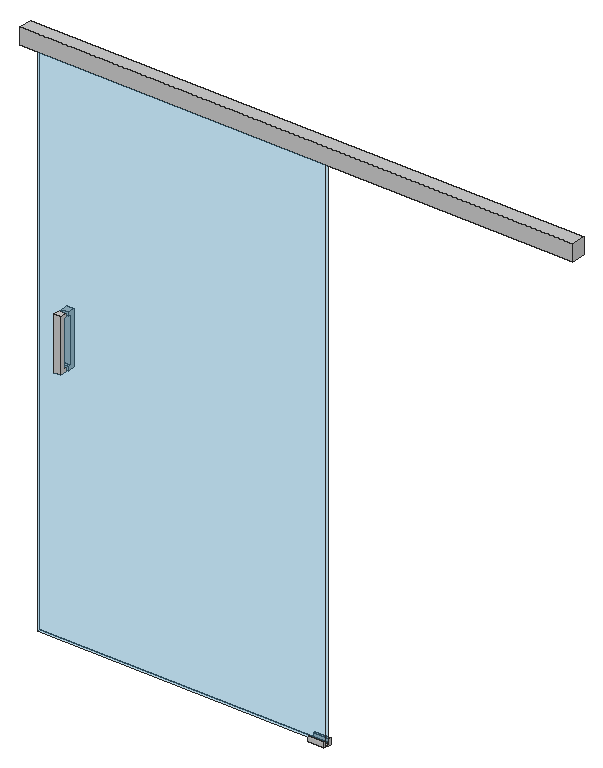
Revit family "KLEIN-Unikself-WO", category Puertas, Revit 2014
Parameters (values of type "KLEIN-Unikself_1m (1,12m) x 2,1m_12mm Translucent")
  URL = "www.klein-europe.com"
  No Fringe = not(Fringe)  # yes
  Fringe.Offset = 700.00 mm
  Fringe.Material = Klein.Translucent-Glass
  Fringe.Height = 700.00 mm
  Fringe = no
  Door.Width = 1120.00 mm
  Version = "1.0"  # constant formula
  Type.Handle = Extendo.Handle : Standard
  Comentarios de tipo = "Check the feasibility of the installation in our Website (www.klein-europe.com)"  # constant formula
  Grosor = 12.00 mm
  Anchura aproximada = 2 * Door.Width - 95.00 mm  # 2145.00 mm
  Altura aproximada = 2100.00 mm
  Hardware.Material = Klein.Aluminum
  10mm glass thickness = no
  12mm glass thickness = yes
  Opening 1 [instance] = (% Opening / 100) * (Door.Width - 197.00 mm)  # 0.00 mm
  Modelo = "Unikself (WO)"  # constant formula
  Fabricante = "Klein"  # constant formula
  Handle.Height = 1050.00 mm
  Glass.Material = Klein.Translucent-Glass
  Función = Interior
  Altura = Altura aproximada - 86.00 mm  # 2014.00 mm
  Cierre de muro = Por anfitrión
  Anchura = Door.Width - 120.00 mm  # 1000.00 mm
  Descripción = "Unikself.\r\n“Self-closing” feature is applied for the door to close by itself.\r\nThis is a single sliding glass door. No floor track is required at the passageway. An overlap of 60mm between the wall and the sliding panel will be applied. The track is mounted to the wall. The system is available in clear anodized aluminum finish.\r\nWarning: A ratio of maximum 1/3 must be kept for the width/height of the door in order to guarantee a good sliding movement.\r\nDoor weight between 55 and 90 Kg. All glass dimensions must be checked with KLEIN mounting instructions. Visit our Website to check the feasibility of the installation (www.klein-europe.com)"  # constant formula
  Autor.URL = "www.a3d.es"  # constant formula
  Autor = "A3D Consulting"  # constant formula
  % Opening [instance] = 0
Types (6, lengths in mm): name | No Fringe | Fringe | Grosor | 10mm glass thickness | 12mm glass thickness | Glass.Material
  KLEIN-Unikself_1m (1,12m) x 2,1m_12mm Transparent | yes | no | 12.00 | no | yes | Klein.Transparent-Glass
  KLEIN-Unikself_1m (1,12m) x 2,1m_12mm Translucent | yes | no | 12.00 | no | yes | Klein.Translucent-Glass
  KLEIN-Unikself_1m (1,12m) x 2,1m_12mm Transparent with translucent fringe | no | yes | 12.00 | no | yes | Klein.Transparent-Glass
  KLEIN-Unikself_1m (1,12m) x 2,1m_10mm Translucent | yes | no | 10.00 | yes | no | Klein.Translucent-Glass
  KLEIN-Unikself_1m (1,12m) x 2,1m_10mm Transparent | yes | no | 10.00 | yes | no | Klein.Transparent-Glass
  KLEIN-Unikself_1m (1,12m) x 2,1m_10mm Transparent with translucent fringe | no | yes | 10.00 | yes | no | Klein.Transparent-Glass
Reference planes
  plane 1 "Center (Front/Back)": y = 0
  plane 2 "Center (Left/Right)": x = -127
  plane 3 "Left": x = -1199.5
  plane 4 "Right": x = 945.5
  plane 5 "Top": z = 2100
  plane 6 "Exterior": y = 75.972
  plane 7 "Interior": y = -76.428
  plane 8 "Glass.Right.1": x = -1148.7
  plane 9 "Handle.Right.X": x = -1050.275
  plane 10 "Glass.Interior": y = -106.582
  plane 11 "Glass.Exterior": y = -94.582
  plane 12 "Wall.Right": x = -88.375
  plane 13 "Glass.Right.3": x = -28.7
  plane 14 "Glass.Right.2": x = -1088.375
  plane 15: z = 2014.275
  plane 16 "Stopper": x = 894.7
  plane 17 "Profile.Interior": y = -161.905
  plane 18 "Profile.Right": x = 920.1
  plane 19 "Profile.Left": x = -1174.1
  plane 20 "Stopper.Right": x = -1148.7
  plane 21: z = 2038.088
  plane 22: z = 2038.088
  plane 23 "Fringe.Offset": z = 700
  plane 24 "Fringe.Height": z = 1400
Forms (mm)
  Extrusion 1, solid, material "Klein.Translucent-Glass" <- "Glass.Material", visible <- "No Fringe"
    sketch origin (0, -106.582, 0) x (-1, 0, 0) y (0, 0, 1)
      loop
        line (1148.7, 2043.521) -> (28.7, 2043.521) -> (28.7, 6.957) -> (1148.7, 6.957) -> (1148.7, 2043.521)
    from 0 to 12 <- "Grosor"
  Sweep 2, solid, material "Klein.Aluminum" <- "Hardware.Material", detail levels fine
    path origin (0, -86.7, 0) x (1, 0, 0) y (0, 1, 0)
      loop
        line (-88.375, -7.882) -> (-28.05, -7.882)
    profile origin (-58.213, -94.582, 0) x (0, 1, 0) y (0, 0, 1)
      loop
        line (-17.649, 21.179) -> (-23.266, 21.179)
        arc (-23.266, 21.179) -> (-24.406, 10.59) -> (-23.279, 0) r 50.017
        line (-23.279, 0) -> (7.867, 0) -> (7.867, 21.179) -> (1.21, 21.179) -> (1.21, 3.058) -> (-20.12, 3.058) -> (-20.169, 19.135) -> (-19.021, 19.135)
        arc (-19.021, 19.135) -> (-18.089, 19.236) -> (-17.649, 20.064) r 1
        line (-17.649, 20.064) -> (-17.649, 21.179)
  Extrusion 3, solid, material "Klein.Aluminum"
    sketch origin (-1199.5, 0, 0) x (0, -1, 0) y (0, 0, 1)
      loop
        line (76.428, 2038.088) -> (127.356, 2038.088) -> (127.356, 2100) -> (76.428, 2100) -> (76.428, 2038.088)
    from 0 to -25.4
  Extrusion 4, solid, material "Klein.Aluminum"
    sketch origin (945.5, 0, 0) x (0, -1, 0) y (0, 0, 1)
      loop
        line (76.428, 2038.088) -> (127.356, 2038.088) -> (127.356, 2100) -> (76.428, 2100) -> (76.428, 2038.088)
    from 25.4 to 0
  Extrusion 5, solid, material "Klein.Aluminum"
    sketch origin (-127, 0, 0) x (0, -1, 0) y (0, 0, 1)
      loop
        line (94.582, 2063.046) -> (106.582, 2063.046) -> (106.582, 2038.088) -> (127.356, 2038.088) -> (127.356, 2100) -> (76.428, 2100) -> (76.428, 2038.088) -> (94.582, 2038.088) -> (94.582, 2063.046)
    from -1047.1 to 1047.1
  Extrusion 6, solid, material "Klein.Translucent-Glass" <- "Glass.Material", visible <- "Fringe"
    sketch origin (0, -106.582, 0) x (-1, 0, 0) y (0, 0, 1)
      loop
        line (1148.7, 2043.521) -> (28.7, 2043.521) -> (28.7, 1400) -> (1148.7, 1400) -> (1148.7, 2043.521)
    from 0 to 12 <- "Grosor"
  Extrusion 7, solid, material "Klein.Translucent-Glass" <- "Glass.Material", visible <- "Fringe"
    sketch origin (0, -106.582, 0) x (-1, 0, 0) y (0, 0, 1)
      loop
        line (1148.7, 700) -> (28.7, 700) -> (28.7, 6.957) -> (1148.7, 6.957) -> (1148.7, 700)
    from 0 to 12 <- "Grosor"
  Extrusion 8, solid, material "Klein.Translucent-Glass" <- "Fringe.Material", visible <- "Fringe"
    sketch origin (0, -106.582, 482.6) x (-1, 0, 0) y (0, 0, 1)
      loop
        line (1148.7, 917.4) -> (28.7, 917.4) -> (28.7, 217.4) -> (1148.7, 217.4) -> (1148.7, 917.4)
    from 0 to 12 <- "Grosor"
Cuts and joins
  joined: Extrusion 3, Extrusion 4, Extrusion 5
Lines and regions (mm)
  Opening 1
    outline origin (-2286, -76.428, 0) x (1, 0, 0) y (0, 0, 1)
      loop
        line (1197.625, 0) -> (2197.625, 0) -> (2197.625, 2014.275) -> (1197.625, 2014.275) -> (1197.625, 0)
  Masking region 1
    outline origin (-1199.5, 0, 0) x (0, -1, 0) y (0, 0, 1)
      loop
        line (94.582, 2043.521) -> (94.582, 6.957) -> (106.582, 6.957) -> (106.582, 2043.521) -> (94.582, 2043.521)
  Masking region 2
    outline origin (-127, 0, 1981.2) x (0, -1, 0) y (0, 0, 1)
      loop
        line (76.428, 33.075) -> (94.582, 33.075) -> (94.582, 62.321) -> (106.582, 62.321) -> (106.582, 33.075) -> (157.867, 33.075) -> (157.867, 118.8) -> (76.428, 118.8) -> (76.428, 33.075)
Text (mm)
  text "Exterior" at (-1904.17, 693.701, 0), in view "Ref. Level"
  text "Interior" at (-1904.17, -638.649, 0), in view "Ref. Level"
  text "Exterior" at (0, 1019.848, 3124.603), in view "Right"
  text "Interior" at (0, -1635.541, 3124.603), in view "Right"
  text "Interior" at (0, -787.806, 3124.376), in view "Left"
  text "Exterior" at (0, 1386.095, 3124.376), in view "Left"
  text "KLEIN family modeled by A3D Consulting\n\n(www.a3d.es)" at (1860.922, 760.913, 0), in view "Ref. Level"
Dimensions and locks
  "Altura aproximada": level to plane 5 "Top"
  host wall to plane 5 "Top" = 2100.00 mm
  plane 8 "Glass.Right.1" to plane 9 "Handle.Right.X" = 98.425 mm
  "Opening 1": plane 20 "Stopper.Right" to plane 8 "Glass.Right.1"
  "Grosor": plane 11 "Glass.Exterior" to plane 10 "Glass.Interior"
  locked: Extrusion 1 sketch curve to level at 6.957
  "Door.Width": plane 8 "Glass.Right.1" to plane 13 "Glass.Right.3"
  plane 11 "Glass.Exterior" to plane 7 "Interior" = 18.154 mm
  locked: plane 15 to plane 5 "Top" at 85.725
  locked: Masking region 2 sketch curve to plane 15 at 29.246
  locked: Masking region 1 sketch curve to level at 6.957
  locked: plane 5 "Top" to Extrusion 1 sketch curve at 56.479
  locked: Masking region 2 sketch curve to plane 7 "Interior" at 81.439
  nested 4 to plane 7 "Interior" = 0.00 mm
  locked: plane 5 "Top" to Opening 1 sketch curve at 85.725
  locked: plane 16 "Stopper" to plane 4 "Right" at 50.8
  equal spacing: plane 3 "Left", plane 2 "Center (Left/Right)", plane 4 "Right"
  "Anchura aproximada": plane 3 "Left" to plane 4 "Right"
  locked: plane 17 "Profile.Interior" to plane 7 "Interior" at 85.476
  "Anchura": plane 14 "Glass.Right.2" to plane 12 "Wall.Right"
  nested 3 to plane 7 "Interior" = 0.00 mm
  locked: plane 12 "Wall.Right" to Sweep 2 sketch curve at 60.325
  locked: plane 18 "Profile.Right" to plane 4 "Right" at 25.4
  locked: plane 3 "Left" to plane 19 "Profile.Left" at 25.4
  locked: plane 3 "Left" to plane 20 "Stopper.Right" at 50.8
  locked: plane 21 to plane 5 "Top" at 61.912
  locked: Extrusion 5 sketch curve to plane 7 "Interior" at 50.928
  locked: Extrusion 5 sketch curve to plane 21 at 24.959
  locked: Extrusion 4 sketch curve to plane 5 "Top" at 61.912
  locked: Masking region 1 sketch curve to plane 5 "Top" at 56.479
  locked: plane 7 "Interior" to Extrusion 4 sketch curve at 50.928
  locked: plane 22 to plane 5 "Top" at 61.912
  locked: Extrusion 3 sketch curve to plane 7 "Interior" at 50.928
  locked: plane 3 "Left" to plane 14 "Glass.Right.2" at 111.125
  "Fringe.Offset": plane 23 "Fringe.Offset" to level
  "Fringe.Height": plane 24 "Fringe.Height" to plane 23 "Fringe.Offset"
  locked: Extrusion 7 sketch curve to level at 6.957
  locked: plane 5 "Top" to Extrusion 6 sketch curve at 56.479
  aligned and locked: Opening 1 sketch curve to level
  aligned and locked: plane 6 "Exterior" to host wall
  aligned and locked: host wall to plane 7 "Interior"
  aligned and locked: plane 8 "Glass.Right.1" to Extrusion 1 sketch curve
  aligned and locked: nested 2 to plane 9 "Handle.Right.X"
  aligned and locked: plane 9 "Handle.Right.X" to nested 1
  aligned and locked: plane 5 "Top" to nested 3
  aligned and locked: plane 5 "Top" to nested 4
  aligned and locked: Masking region 1 sketch curve to plane 11 "Glass.Exterior"
  aligned and locked: plane 10 "Glass.Interior" to Masking region 1 sketch curve
  aligned and locked: nested 5 to level
  aligned and locked: nested 6 to level
  aligned and locked: plane 5 "Top" to Masking region 2 sketch curve
  aligned and locked: nested 2 to plane 11 "Glass.Exterior"
  aligned and locked: nested 1 to plane 10 "Glass.Interior"
  aligned and locked: plane 13 "Glass.Right.3" to Extrusion 1 sketch curve
  aligned and locked: Masking region 2 sketch curve to plane 7 "Interior"
  aligned and locked: plane 12 "Wall.Right" to Opening 1 sketch curve
  aligned and locked: Opening 1 sketch curve to plane 14 "Glass.Right.2"
  aligned and locked: Masking region 2 sketch curve to plane 15
  aligned and locked: nested 6 to plane 11 "Glass.Exterior"
  aligned and locked: nested 5 to plane 11 "Glass.Exterior"
  aligned and locked: Sweep 2 sketch curve to plane 11 "Glass.Exterior"
  aligned and locked: Extrusion 3 to plane 19 "Profile.Left"
  aligned and locked: plane 7 "Interior" to nested 4
  aligned and locked: plane 7 "Interior" to nested 3
  aligned and locked: plane 11 "Glass.Exterior" to Extrusion 5 sketch curve
  aligned and locked: Extrusion 5 sketch curve to plane 10 "Glass.Interior"
  aligned and locked: plane 18 "Profile.Right" to Extrusion 5
  aligned and locked: plane 19 "Profile.Left" to Extrusion 5
  aligned and locked: Extrusion 4 sketch curve to plane 5 "Top"
  aligned and locked: Extrusion 4 sketch curve to plane 7 "Interior"
  aligned and locked: plane 15 to Masking region 2 sketch curve
  aligned and locked: plane 21 to Extrusion 5 sketch curve
  aligned and locked: cut or joined group of Extrusion 3, Extrusion 4, Extrusion 5 to plane 18 "Profile.Right"
  aligned and locked: cut or joined group of Extrusion 3, Extrusion 4, Extrusion 5 to plane 4 "Right"
  aligned and locked: plane 5 "Top" to Extrusion 3 sketch curve
  aligned and locked: plane 7 "Interior" to Extrusion 3 sketch curve
  aligned and locked: plane 22 to Extrusion 3 sketch curve
  aligned and locked: Extrusion 7 sketch curve to plane 23 "Fringe.Offset"
  aligned and locked: Extrusion 7 sketch curve to plane 13 "Glass.Right.3"
  aligned and locked: plane 8 "Glass.Right.1" to Extrusion 7 sketch curve
  aligned and locked: plane 24 "Fringe.Height" to Extrusion 6 sketch curve
  aligned and locked: Extrusion 6 sketch curve to plane 13 "Glass.Right.3"
  aligned and locked: plane 8 "Glass.Right.1" to Extrusion 6 sketch curve
  aligned and locked: Extrusion 8 sketch curve to plane 13 "Glass.Right.3"
  aligned and locked: plane 8 "Glass.Right.1" to Extrusion 8 sketch curve
  aligned and locked: Extrusion 8 sketch curve to plane 24 "Fringe.Height"
  aligned and locked: plane 23 "Fringe.Offset" to Extrusion 8 sketch curve
Automatic sketch dimensions
  Sweep 2 sketch curve to plane 12 "Wall.Right" = 0.00 mm
  Sweep 2 sketch curve to profile plane = 0.00 mm
  profile plane to Sweep 2 sketch curve = 23.279 mm
  Sweep 2 sketch curve to Sweep 2 sketch curve = 0.012 mm
  Sweep 2 sketch curve to Sweep 2 sketch curve = 3.097 mm
  profile plane to Sweep 2 sketch curve = 3.058 mm
  Sweep 2 sketch curve to Sweep 2 sketch curve = 3.159 mm
  Sweep 2 sketch curve to Sweep 2 sketch curve = 1.148 mm
  Sweep 2 sketch curve to Sweep 2 sketch curve = 0.372 mm
  Sweep 2 sketch curve to Sweep 2 sketch curve = 1.00 mm
  Sweep 2 sketch curve to profile plane = 1.21 mm
  Sweep 2 sketch curve to Sweep 2 sketch curve = 6.656 mm
  Sweep 2 sketch curve to Sweep 2 sketch curve = 17.744 mm
  profile plane to Sweep 2 sketch curve = 10.561 mm
  Sweep 2 sketch curve to Sweep 2 sketch curve = 2.044 mm
  Sweep 2 sketch curve to Sweep 2 sketch curve = 18.121 mm
  Masking region 2 sketch curve to plane 11 "Glass.Exterior" = 0.00 mm
  Masking region 2 sketch curve to plane 10 "Glass.Interior" = 0.00 mm
  Extrusion 5 sketch curve to host wall = 0.00 mm
  Extrusion 5 sketch curve to plane 21 = 0.00 mm
  plane 5 "Top" to Extrusion 5 sketch curve = 0.00 mm
Nested families
  nested 1: "Extendo.Handle" at (-1050.275, -106.582, 1050), built-in parameter 1001364 <- "Handle.Height", type <- "Type.Handle", type "Standard", detail levels fine
  nested 2: "Extendo.Handle" at (-1050.275, -94.582, 1050), built-in parameter 1001364 <- "Handle.Height", type <- "Type.Handle", type "Standard", detail levels fine
  nested 3: "Klein.Unikself.Detail.Profile.12mm" at (-127, -76.428, 2100) x (0, -1, 0) z (-1, 0, 0), visible <- "12mm glass thickness", type "Standard", detail levels fine
  nested 4: "Klein.Unikself.Detail.Profile.10mm" at (-127, -76.428, 2100) x (0, -1, 0) z (-1, 0, 0), visible <- "10mm glass thickness", type "Standard", detail levels fine
  nested 5: "Klein.Unikself.Detail.Inferior.10mm" at (-127, -94.582, 0) x (0, -1, 0) z (-1, 0, 0), visible <- "10mm glass thickness", type "Standard", detail levels fine
  nested 6: "Klein.Unikself.Detail.Inferior.12mm" at (-127, -94.582, 0) x (0, -1, 0) z (-1, 0, 0), visible <- "12mm glass thickness", type "Standard", detail levels fine
Definition of nested family "Extendo.Handle"
  Parameters (values of type "Standard")
    Version = "A3D.Extendo.Handle.1.0"  # constant formula
    Manufacturer = "Klein"  # constant formula
    Handle.Material = Klein.Aluminum
  Reference planes
    plane 1 "Center (Front/Back)": y = 0
    plane 2: z = 0
    plane 3 "Center (Left/Right)": x = 0
  Forms (mm)
    Sweep 1, solid, material "Klein.Aluminum" <- "Handle.Material"
      path origin (0, 0, 0) x (0, -1, 0) y (0, 0, 1)
        loop
          line (0, 101.6) -> (25.4, 101.6) -> (25.4, -101.6) -> (0, -101.6)
      profile origin (0, -12.7, 101.6) x (0, 0, 1) y (-1, 0, 0)
        loop
          line (0, -12.7) -> (0, 12.7) -> (-12.7, 12.7) -> (-12.7, -12.7) -> (0, -12.7)
  Text (mm)
    text "KLEIN family modeled by A3D Consulting\n\n(www.a3d.es)" at (1860.922, 760.913, 0), in view "Ref. Level"
  Dimensions and locks
    Sweep 1 sketch curve to level = 101.60 mm
    level to Sweep 1 sketch curve = 101.60 mm
    Sweep 1 sketch curve to profile plane to Sweep 1 sketch curve = 12.70 mm, 12.70 mm
    locked: Sweep 1 sketch curve to profile plane at 12.7
    aligned and locked: plane 2 to level
    aligned and locked: Sweep 1 sketch curve to profile plane
    aligned and locked: plane 1 "Center (Front/Back)" to Sweep 1
Definition of nested family "Klein.Unikself.Detail.Profile.12mm"
  Parameters (values of type "Standard")
    Version = "A3D.Unikself.Detail.Profile.1.2inches.Version.1.0"  # constant formula
  Reference planes
    plane 1 "Centro (Frontal/Posterior)": y = 0
    plane 2: z = 0
    plane 3 "Centro (Izquierda/Derecha)": x = 0
  Text (mm)
    text "KLEIN family modeled by A3D Consulting\n\n(www.a3d.es)" at (292.844, 683.909, 0), in view "Nivel de referencia"
Definition of nested family "Klein.Unikself.Detail.Profile.10mm"
  Parameters (values of type "Standard")
    Version = "A3D.Unikself.Detail.Profile.3.8inches.Version.1.0"  # constant formula
  Reference planes
    plane 1 "Centro (Frontal/Posterior)": y = 0
    plane 2: z = 0
    plane 3 "Centro (Izquierda/Derecha)": x = 0
  Text (mm)
    text "KLEIN family modeled by A3D Consulting\n\n(www.a3d.es)" at (292.844, 683.909, 0), in view "Nivel de referencia"
Definition of nested family "Klein.Unikself.Detail.Inferior.10mm"
  Parameters (values of type "Standard")
    Version = "A3D.Unikself.Detail.Inferior.3.8inches.Version.1.0"  # constant formula
  Reference planes
    plane 1 "Center (Front/Back)": y = 0
    plane 2: z = 0
    plane 3 "Center (Left/Right)": x = 0
  Text (mm)
    text "KLEIN family modeled by A3D Consulting\n\n(www.a3d.es)" at (292.844, 683.909, 0), in view "Ref. Level"
Definition of nested family "Klein.Unikself.Detail.Inferior.12mm"
  Parameters (values of type "Standard")
    Version = "A3D.Unikself.Detail.Inferior.1.2inches.Version.1.0"  # constant formula
  Reference planes
    plane 1 "Center (Front/Back)": y = 0
    plane 2: z = 0
    plane 3 "Center (Left/Right)": x = 0
  Text (mm)
    text "KLEIN family modeled by A3D Consulting\n\n(www.a3d.es)" at (292.844, 683.909, 0), in view "Ref. Level"
